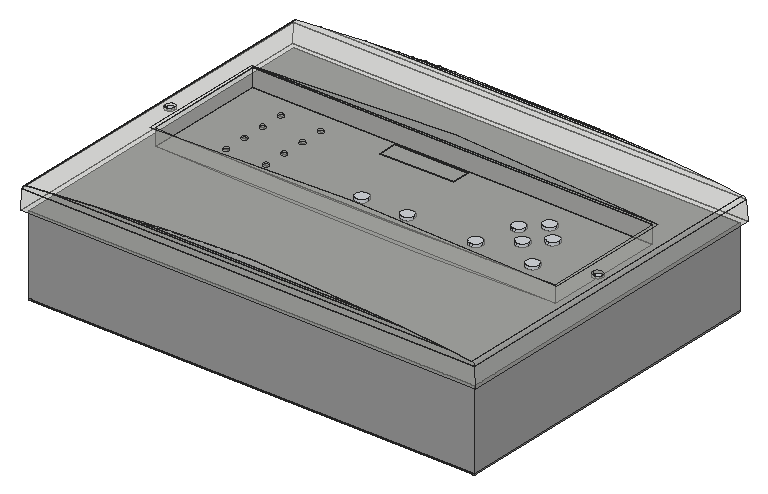
Revit family "Maxlogic Conventional Gas alarm control panel, 8 zone, 16 relay output", category Fire Alarm Devices, host Face, Revit 2022
Family settings
  Host = Face
  Round Connector Dimension = Use Diameter
  Part Type = Normal
  OmniClass Number = 23.85.30.21
  OmniClass Title = Environmental Detection/Registration
  Cut with Voids When Loaded = No
  Maintain Annotation Orientation = Yes
  Shared = No
  Room Calculation Point = No
Parameters (values of type "Maxlogic Conventional Gas alarm control panel, 8 zone, 16 relay output")
  Weight = "5500 gr"
  Weatherproof surface mounting back box = ""
  Warranty Duration Unit = "Year"
  Warranty Duration Parts = "2"
  Warranty Duration Labor = "2"
  Version = ""
  URL = "https://www.mavili.com.tr/en"
  Recessed mounting base = ""
  Public Works Pose Number = ""
  Protection Sign = ""
  Product Code = "ML-4218"
  Phone Number = "(+)90 216 466 45 05"
  Operatonal Voltage (default) = ""
  Operating voltage range = ""
  Operating temperature = "(-10°C) - (+55°C)"
  Nominal Depth = "100 mm"
  Nominal Width = "400 mm"
  Nominal Height = "300 mm"
  Mounting surface = "Wall mount"
  Mounting height = ""
  Model = "Maxlogic"
  Manufacturer = "Mavili Elektronik Ticaret A.Ş."
  Installation Manual = "https://mavilielektronik.com/Revit/ML4218_enkk.pdf"
  Indicator output = ""
  Fax Number = "(+)90 216 466 45 10"
  External supply = "220 V AC"
  Email = "mavili@mavili.com.tr"
  Disclaimer = ""
  Device Adress Setup = ""
  Description = "Conventional Gas alarm control panel, 8 zone, 16 relay output"
  Default Elevation = 0 mm
  Current consumption = ""
  Cost unıt = ""
  Cost = 0
  Compatible sockets = ""
  Color = "White"
  Code Performance = "EN 54-2, EN 54-4"
  Main Material = "Metal Grey"
  Secondary Material = "White Plastic ABS"
  Battery = "2 X (12V DC 7 Ah )"
  Assembly Code = ""
  Address line 1 = "Şerifali Mahallesi Kutup Sokak No:27/1-2-4 Ümraniye TR-34775 İSTANBUL"
Reference planes
  plane 1 "Center (Front/Back)": y = 0
  plane 2: z = 0
  plane 3 "Center (Left/Right)": x = 0
Forms (mm)
  Extrusion 1, solid, material "mavili arka kasa"
    sketch origin (-210, -150, 148.173) x (1, 0, 0) y (0, 0, -1)
      loop
        line (42.905, 77.3) -> (434.905, 77.3) -> (434.905, 146.904)
        arc (434.905, 146.904) -> (434.545, 147.715) -> (433.785, 148.173) r 1.476
        line (433.785, 148.173) -> (44.505, 148.173)
        arc (44.505, 148.173) -> (43.374, 147.704) -> (42.905, 146.573) r 1.6
        line (42.905, 146.573) -> (42.905, 77.3)
    from 0 to 300
  Extrusion 2, solid, material "Mavili beyaz"
    sketch origin (-210, -150, 148.173) x (1, 0, 0) y (0, 0, -1)
      loop
        line (38.905, 77.3) -> (39.824, 59.769)
        arc (39.824, 59.769) -> (40.651, 57.854) -> (42.526, 56.941) r 3
        arc (42.526, 56.941) -> (238.905, 47.3) -> (435.284, 56.941) r 2005
        arc (435.284, 56.941) -> (437.16, 57.854) -> (437.987, 59.769) r 3
        line (437.987, 59.769) -> (438.905, 77.3) -> (38.905, 77.3)
    from 0 to 300
  Extrusion 3, void
    sketch origin (-167.095, -150, 70.872) x (0, 0, 1) y (0, -1, 0)
      loop
        arc (-69.27, -296) -> (-70.403, -295.532) -> (-70.872, -294.4) r 1.6
        line (-70.872, -294.4) -> (-70.872, -300) -> (0, -300) -> (0, -296) -> (-69.27, -296)
    from 0 to 392
  Extrusion 4, void
    sketch origin (-167.095, 150, 70.872) x (0, 0, 1) y (0, -1, 0)
      loop
        line (-69.27, 296) -> (0, 296) -> (0, 300) -> (-70.872, 300) -> (-70.872, 294.4)
        arc (-70.872, 294.4) -> (-70.403, 295.532) -> (-69.27, 296) r 1.6
    from 0 to 392
  Extrusion 5, void
    sketch origin (-210, -150, 148.173) x (0, 0, -1) y (0, 1, 0)
      loop
        line (55.289, 116.326) -> (55.289, 228.158) -> (47.3, 228.297) -> (47.3, 111.721) -> (55.289, 116.326)
    from 0 to 497.127
  Extrusion 6, void
    sketch origin (-210, -150, 148.173) x (0, 0, -1) y (0, 1, 0)
      loop
        arc (47.3, 295.581) -> (48.124, 297.646) -> (50.143, 298.577) r 3
        line (50.143, 298.577) -> (51.913, 298.669) -> (55.057, 298.834) -> (59.769, 299.081) -> (77.3, 300) -> (50, 300) -> (47.3, 300) -> (47.3, 295.581)
    from 0 to 493.151
  Extrusion 7, void
    sketch origin (-210, 150, 148.173) x (0, 0, -1) y (0, 1, 0)
      loop
        line (47.3, -295.581) -> (47.3, -300) -> (50, -300) -> (77.3, -300) -> (59.769, -299.081) -> (55.057, -298.834) -> (51.913, -298.669) -> (50.143, -298.577)
        arc (50.143, -298.577) -> (48.124, -297.646) -> (47.3, -295.581) r 3
    from 0 to 493.151
  Extrusion 8, void
    sketch origin (-167.095, 146, 25.472) x (0, 0, -1) y (1, 0, 0)
      loop
        line (-13.523, 66.9) -> (-13.523, 68.054)
        arc (-13.523, 68.054) -> (-15, 68.144) -> (-16.477, 68.054) r 12.144
        line (-16.477, 68.054) -> (-16.477, 66.9)
        arc (-16.477, 66.9) -> (-26, 56.025) -> (-16.527, 45.106) r 11
        line (-16.527, 45.106) -> (-16.527, 43.952)
        arc (-16.527, 43.952) -> (-15, 43.856) -> (-13.473, 43.952) r 12.144
        line (-13.473, 43.952) -> (-13.473, 45.106)
        arc (-13.473, 45.106) -> (-4, 56.025) -> (-13.523, 66.9) r 11
    from 0 to 1
  Extrusion 9, void
    sketch origin (-127.095, 146, 25.472) x (0, 0, -1) y (1, 0, 0)
      loop
        line (-13.523, 66.9) -> (-13.523, 68.054)
        arc (-13.523, 68.054) -> (-15, 68.144) -> (-16.477, 68.054) r 12.144
        line (-16.477, 68.054) -> (-16.477, 66.9)
        arc (-16.477, 66.9) -> (-26, 56.025) -> (-16.527, 45.106) r 11
        line (-16.527, 45.106) -> (-16.527, 43.952)
        arc (-16.527, 43.952) -> (-15, 43.856) -> (-13.473, 43.952) r 12.144
        line (-13.473, 43.952) -> (-13.473, 45.106)
        arc (-13.473, 45.106) -> (-4, 56.025) -> (-13.523, 66.9) r 11
    from 0 to 1
  Extrusion 10, void
    sketch origin (-87.095, 146, 25.472) x (0, 0, -1) y (1, 0, 0)
      loop
        line (-13.523, 66.9) -> (-13.523, 68.054)
        arc (-13.523, 68.054) -> (-15, 68.144) -> (-16.477, 68.054) r 12.144
        line (-16.477, 68.054) -> (-16.477, 66.9)
        arc (-16.477, 66.9) -> (-26, 56.025) -> (-16.527, 45.106) r 11
        line (-16.527, 45.106) -> (-16.527, 43.952)
        arc (-16.527, 43.952) -> (-15, 43.856) -> (-13.473, 43.952) r 12.144
        line (-13.473, 43.952) -> (-13.473, 45.106)
        arc (-13.473, 45.106) -> (-4, 56.025) -> (-13.523, 66.9) r 11
    from 0 to 1
  Extrusion 11, void
    sketch origin (-47.095, 146, 25.472) x (0, 0, -1) y (1, 0, 0)
      loop
        line (-13.523, 66.9) -> (-13.523, 68.054)
        arc (-13.523, 68.054) -> (-15, 68.144) -> (-16.477, 68.054) r 12.144
        line (-16.477, 68.054) -> (-16.477, 66.9)
        arc (-16.477, 66.9) -> (-26, 56.025) -> (-16.527, 45.106) r 11
        line (-16.527, 45.106) -> (-16.527, 43.952)
        arc (-16.527, 43.952) -> (-15, 43.856) -> (-13.473, 43.952) r 12.144
        line (-13.473, 43.952) -> (-13.473, 45.106)
        arc (-13.473, 45.106) -> (-4, 56.025) -> (-13.523, 66.9) r 11
    from 0 to 1
  Extrusion 12, void
    sketch origin (-7.095, 146, 25.472) x (0, 0, -1) y (1, 0, 0)
      loop
        line (-13.523, 66.9) -> (-13.523, 68.054)
        arc (-13.523, 68.054) -> (-15, 68.144) -> (-16.477, 68.054) r 12.144
        line (-16.477, 68.054) -> (-16.477, 66.9)
        arc (-16.477, 66.9) -> (-26, 56.025) -> (-16.527, 45.106) r 11
        line (-16.527, 45.106) -> (-16.527, 43.952)
        arc (-16.527, 43.952) -> (-15, 43.856) -> (-13.473, 43.952) r 12.144
        line (-13.473, 43.952) -> (-13.473, 45.106)
        arc (-13.473, 45.106) -> (-4, 56.025) -> (-13.523, 66.9) r 11
    from 0 to 1
  Extrusion 13, void
    sketch origin (32.905, 146, 25.472) x (0, 0, -1) y (1, 0, 0)
      loop
        line (-13.523, 66.9) -> (-13.523, 68.054)
        arc (-13.523, 68.054) -> (-15, 68.144) -> (-16.477, 68.054) r 12.144
        line (-16.477, 68.054) -> (-16.477, 66.9)
        arc (-16.477, 66.9) -> (-26, 56.025) -> (-16.527, 45.106) r 11
        line (-16.527, 45.106) -> (-16.527, 43.952)
        arc (-16.527, 43.952) -> (-15, 43.856) -> (-13.473, 43.952) r 12.144
        line (-13.473, 43.952) -> (-13.473, 45.106)
        arc (-13.473, 45.106) -> (-4, 56.025) -> (-13.523, 66.9) r 11
    from 0 to 1
  Extrusion 14, void
    sketch origin (72.905, 146, 25.472) x (0, 0, -1) y (1, 0, 0)
      loop
        line (-13.523, 66.9) -> (-13.523, 68.054)
        arc (-13.523, 68.054) -> (-15, 68.144) -> (-16.477, 68.054) r 12.144
        line (-16.477, 68.054) -> (-16.477, 66.9)
        arc (-16.477, 66.9) -> (-26, 56.025) -> (-16.527, 45.106) r 11
        line (-16.527, 45.106) -> (-16.527, 43.952)
        arc (-16.527, 43.952) -> (-15, 43.856) -> (-13.473, 43.952) r 12.144
        line (-13.473, 43.952) -> (-13.473, 45.106)
        arc (-13.473, 45.106) -> (-4, 56.025) -> (-13.523, 66.9) r 11
    from 0 to 1
  Extrusion 15, void
    sketch origin (112.905, 146, 25.472) x (0, 0, -1) y (1, 0, 0)
      loop
        line (-13.523, 66.9) -> (-13.523, 68.054)
        arc (-13.523, 68.054) -> (-15, 68.144) -> (-16.477, 68.054) r 12.144
        line (-16.477, 68.054) -> (-16.477, 66.9)
        arc (-16.477, 66.9) -> (-26, 56.025) -> (-16.527, 45.106) r 11
        line (-16.527, 45.106) -> (-16.527, 43.952)
        arc (-16.527, 43.952) -> (-15, 43.856) -> (-13.473, 43.952) r 12.144
        line (-13.473, 43.952) -> (-13.473, 45.106)
        arc (-13.473, 45.106) -> (-4, 56.025) -> (-13.523, 66.9) r 11
    from 0 to 1
  Extrusion 16, void
    sketch origin (-210, -33.417, 92.884) x (-1, 0, 0) y (0, 1, 0)
      loop
        line (-62.836, 2.214) -> (-62.836, 108.579)
        spline (-62.836, 108.579) -> (-92.123, 108.62) -> (-121.442, 108.654) -> (-150.785, 108.681) -> (-180.148, 108.699) -> (-209.524, 108.711) -> (-238.905, 108.714) -> (-268.287, 108.711) -> (-297.662, 108.699) -> (-327.025, 108.681) -> (-356.369, 108.654) -> (-385.687, 108.62) -> (-414.974, 108.579)
        line (-414.974, 108.579) -> (-414.974, 2.214)
        spline (-414.974, 2.214) -> (-385.687, 0.847) -> (-356.369, -0.273) -> (-327.025, -1.144) -> (-297.662, -1.766) -> (-268.287, -2.14) -> (-238.905, -2.264) -> (-209.524, -2.14) -> (-180.148, -1.766) -> (-150.785, -1.144) -> (-121.442, -0.273) -> (-92.123, 0.847) -> (-62.836, 2.214)
    from 0 to 15
  Revolve 17, solid, material "Glass"
    sketch origin (-200, 143.323, 77.884) x (-1, 0, 0) y (0, -1, 0)
      loop
        arc (-91.405, 87.917) -> (-93.905, 90.417) -> (-96.405, 87.917) r 2.5
        line (-96.405, 87.917) -> (-91.405, 87.917)
      axis (-91.405, 87.917) -> (-96.405, 87.917)
    angle from 0 to -180
  Extrusion 18, void
    sketch origin (-210, -33.417, 92.884) x (-1, 0, 0) y (0, 1, 0)
      loop
        circle (-50.905, 33.417) r 4.25
    from 0 to 3
  Extrusion 19, solid
    sketch origin (-210, -33.442, 89.884) x (0, 1, 0) y (-1, 0, 0)
      loop
        line (35.753, -50.862) -> (34.597, -48.861) -> (32.286, -48.861) -> (31.13, -50.862) -> (32.286, -52.864) -> (34.597, -52.864) -> (35.753, -50.862)
    from 0 to 1
  Extrusion 20, void
    sketch origin (267.811, -33.417, 92.884) x (-1, 0, 0) y (0, 1, 0)
      loop
        circle (50.905, 33.417) r 4.25
    from 0 to 3
  Extrusion 21, solid
    sketch origin (267.811, -33.442, 89.884) x (0, 1, 0) y (-1, 0, 0)
      loop
        line (35.753, 50.862) -> (34.597, 52.864) -> (32.286, 52.864) -> (31.13, 50.862) -> (32.286, 48.861) -> (34.597, 48.861) -> (35.753, 50.862)
    from 0 to 1
  Extrusion 22, solid
    sketch origin (40, -12.994, 77.884) x (0, 1, 0) y (-1, 0, 0)
      loop
        circle (63.417, -93.905) r 5.5
    from 0 to 2
  Revolve 23, solid, material "Glass"
    sketch origin (-200, 123.323, 77.884) x (-1, 0, 0) y (0, -1, 0)
      loop
        arc (-91.405, 87.917) -> (-93.905, 90.417) -> (-96.405, 87.917) r 2.5
        line (-96.405, 87.917) -> (-91.405, 87.917)
      axis (-91.405, 87.917) -> (-96.405, 87.917)
    angle from 0 to -180
  Revolve 24, solid, material "Glass"
    sketch origin (-200, 103.323, 77.884) x (-1, 0, 0) y (0, -1, 0)
      loop
        arc (-91.405, 87.917) -> (-93.905, 90.417) -> (-96.405, 87.917) r 2.5
        line (-96.405, 87.917) -> (-91.405, 87.917)
      axis (-91.405, 87.917) -> (-96.405, 87.917)
    angle from 0 to -180
  Revolve 25, solid, material "Glass"
    sketch origin (-200, 83.323, 77.884) x (-1, 0, 0) y (0, -1, 0)
      loop
        arc (-91.405, 87.917) -> (-93.905, 90.417) -> (-96.405, 87.917) r 2.5
        line (-96.405, 87.917) -> (-91.405, 87.917)
      axis (-91.405, 87.917) -> (-96.405, 87.917)
    angle from 0 to -180
  Extrusion 26, solid, material "Glass"
    sketch origin (-210, -33.417, 92.884) x (0, 1, 0) y (-1, 0, 0)
      loop
        line (85.539, -206.655) -> (69.139, -206.655) -> (69.139, -271.155) -> (85.539, -271.155) -> (85.539, -206.655)
    from 0 to 0.8
  Revolve 27, solid, material "Glass"
    sketch origin (-165, 143.323, 77.884) x (-1, 0, 0) y (0, -1, 0)
      loop
        arc (-91.405, 87.917) -> (-93.905, 90.417) -> (-96.405, 87.917) r 2.5
        line (-96.405, 87.917) -> (-91.405, 87.917)
      axis (-91.405, 87.917) -> (-96.405, 87.917)
    angle from 0 to -180
  Revolve 28, solid, material "Glass"
    sketch origin (-165, 123.323, 77.884) x (-1, 0, 0) y (0, -1, 0)
      loop
        arc (-91.405, 87.917) -> (-93.905, 90.417) -> (-96.405, 87.917) r 2.5
        line (-96.405, 87.917) -> (-91.405, 87.917)
      axis (-91.405, 87.917) -> (-96.405, 87.917)
    angle from 0 to -180
  Revolve 29, solid, material "Glass"
    sketch origin (-165, 103.323, 77.884) x (-1, 0, 0) y (0, -1, 0)
      loop
        arc (-91.405, 87.917) -> (-93.905, 90.417) -> (-96.405, 87.917) r 2.5
        line (-96.405, 87.917) -> (-91.405, 87.917)
      axis (-91.405, 87.917) -> (-96.405, 87.917)
    angle from 0 to -180
  Revolve 30, solid, material "Glass"
    sketch origin (-165, 83.323, 77.884) x (-1, 0, 0) y (0, -1, 0)
      loop
        arc (-91.405, 87.917) -> (-93.905, 90.417) -> (-96.405, 87.917) r 2.5
        line (-96.405, 87.917) -> (-91.405, 87.917)
      axis (-91.405, 87.917) -> (-96.405, 87.917)
    angle from 0 to -180
  Extrusion 31, solid
    sketch origin (25, -27.994, 77.884) x (0, 1, 0) y (-1, 0, 0)
      loop
        circle (63.417, -93.905) r 5.5
    from 0 to 2
  Extrusion 32, solid
    sketch origin (55, -27.994, 77.884) x (0, 1, 0) y (-1, 0, 0)
      loop
        circle (63.417, -93.905) r 5.5
    from 0 to 2
  Extrusion 33, solid
    sketch origin (40, -42.994, 77.884) x (0, 1, 0) y (-1, 0, 0)
      loop
        circle (63.417, -93.905) r 5.5
    from 0 to 2
  Extrusion 34, solid
    sketch origin (65, -62.994, 77.884) x (0, 1, 0) y (-1, 0, 0)
      loop
        circle (63.417, -93.905) r 5.5
    from 0 to 2
  Extrusion 35, solid
    sketch origin (15, -62.994, 77.884) x (0, 1, 0) y (-1, 0, 0)
      loop
        circle (63.417, -93.905) r 5.5
    from 0 to 2
  Extrusion 36, solid
    sketch origin (-45, -62.994, 77.884) x (0, 1, 0) y (-1, 0, 0)
      loop
        circle (63.417, -93.905) r 5.5
    from 0 to 2
  Extrusion 37, solid
    sketch origin (-85, -62.994, 77.884) x (0, 1, 0) y (-1, 0, 0)
      loop
        circle (63.417, -93.905) r 5.5
    from 0 to 2
Cuts and joins
  Extrusion 3, Extrusion 4, Extrusion 8, Extrusion 9, Extrusion 10, Extrusion 11, Extrusion 12, Extrusion 13, Extrusion 14, Extrusion 15 cuts Extrusion 1
  Extrusion 3, Extrusion 4, Extrusion 5, Extrusion 6, Extrusion 7, Extrusion 16, Extrusion 18, Extrusion 20 cuts Extrusion 2
  Extrusion 20 cuts Extrusion 19
Dimensions and locks
  aligned and locked: plane 2 to host face
  aligned and locked: level to host face
Connectors
  electrical at (29.145, 0, 0)
    settings: on cut or joined group of Extrusion 1, Extrusion 3, Extrusion 4, Extrusion 8, Extrusion 9, Extrusion 10, Extrusion 11, Extrusion 12, Extrusion 13, Extrusion 14, Extrusion 15, index 1, voltage 0 V, apparent load 0 VA, apparent load phase1 0 VA, apparent load phase2 0 VA, apparent load phase3 0 VA, power factor 1, load classification "Other", number of poles 1, system type 31, power factor state 1, is connector primary yes, connector utility no, sub classification motor no, connector description ""
